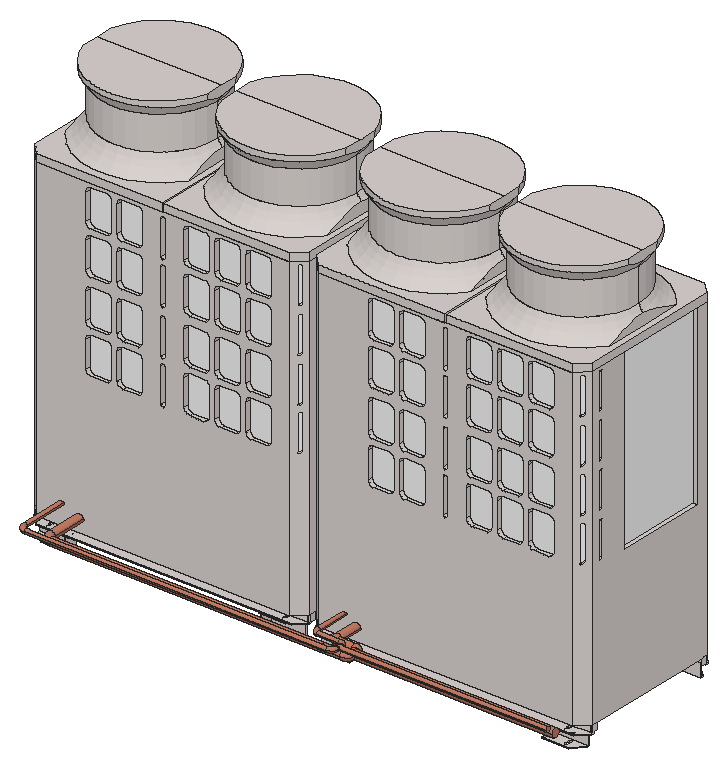
Revit family "PUHY-P750YSNW-A1", category Mechanical Equipment, Revit 2016 (continued)
Definition of nested family "PUHY-P350YNW-A1"
  Lines and regions (mm)
    model lines
      curve 51: line (-620, 215.7, 1521) -> (-620, 215.7, 705)
      curve 52: line (-620, 235.7, 705) -> (-620, -162.3, 705)
      curve 53: line (-620, 176.7, 268) -> (-620, -103.3, 268)
      curve 54: line (-620, -103.3, 248) -> (-620, 176.7, 248)
      curve 55: arc (-620, 186.7, 258) -> (-620, 183.771, 265.071) -> (-620, 176.7, 268) r 10
      curve 56: arc (-620, 176.7, 248) -> (-620, 183.771, 250.929) -> (-620, 186.7, 258) r 10
      curve 57: arc (-620, -103.3, 268) -> (-620, -110.371, 265.071) -> (-620, -113.3, 258) r 10
      curve 58: arc (-620, -113.3, 258) -> (-620, -110.371, 250.929) -> (-620, -103.3, 248) r 10
      curve 59: line (-620, 176.7, 373) -> (-620, -103.3, 373)
      curve 60: line (-620, -103.3, 353) -> (-620, 176.7, 353)
      curve 61: arc (-620, 186.7, 363) -> (-620, 183.771, 370.071) -> (-620, 176.7, 373) r 10
      curve 62: arc (-620, 176.7, 353) -> (-620, 183.771, 355.929) -> (-620, 186.7, 363) r 10
      curve 63: arc (-620, -103.3, 373) -> (-620, -110.371, 370.071) -> (-620, -113.3, 363) r 10
      curve 64: arc (-620, -113.3, 363) -> (-620, -110.371, 355.929) -> (-620, -103.3, 353) r 10
      curve 65: line (-620, 176.7, 478) -> (-620, -103.3, 478)
      curve 66: line (-620, -103.3, 458) -> (-620, 176.7, 458)
      curve 67: arc (-620, 186.7, 468) -> (-620, 183.771, 475.071) -> (-620, 176.7, 478) r 10
      curve 68: arc (-620, 176.7, 458) -> (-620, 183.771, 460.929) -> (-620, 186.7, 468) r 10
      curve 69: arc (-620, -103.3, 478) -> (-620, -110.371, 475.071) -> (-620, -113.3, 468) r 10
      curve 70: arc (-620, -113.3, 468) -> (-620, -110.371, 460.929) -> (-620, -103.3, 458) r 10
      curve 71: line (-620, 176.7, 583) -> (-620, -103.3, 583)
      curve 72: line (-620, -103.3, 563) -> (-620, 176.7, 563)
      curve 73: arc (-620, 186.7, 573) -> (-620, 183.771, 580.071) -> (-620, 176.7, 583) r 10
      curve 74: arc (-620, 176.7, 563) -> (-620, 183.771, 565.929) -> (-620, 186.7, 573) r 10
      curve 75: arc (-620, -103.3, 583) -> (-620, -110.371, 580.071) -> (-620, -113.3, 573) r 10
      curve 76: arc (-620, -113.3, 573) -> (-620, -110.371, 565.929) -> (-620, -103.3, 563) r 10
      curve 77: line (-544, 370, 1521) -> (-544, 370, 95)
      curve 78: line (489, 370, 649) -> (30, 370, 649)
      curve 79: line (-30.5, 370, 649) -> (-544, 370, 649)
      curve 80: line (-147.25, 370, 584) -> (-427.25, 370, 584)
      curve 81: line (-427.25, 370, 564) -> (-147.25, 370, 564)
      curve 82: arc (-137.25, 370, 574) -> (-140.179, 370, 581.071) -> (-147.25, 370, 584) r 10
      curve 83: arc (-147.25, 370, 564) -> (-140.179, 370, 566.929) -> (-137.25, 370, 574) r 10
      curve 84: arc (-427.25, 370, 584) -> (-434.321, 370, 581.071) -> (-437.25, 370, 574) r 10
      curve 85: arc (-437.25, 370, 574) -> (-434.321, 370, 566.929) -> (-427.25, 370, 564) r 10
      curve 86: circle (448, -185, 1521) r 15 normal (0, 0, 1)
      curve 87: circle (468, -185, 95) r 26 normal (0, 0, 1)
      curve 88: circle (448, -260, 95) r 32.5 normal (0, 0, 1)
      curve 89: circle (404, -204, 95) r 17 normal (0, 0, 1)
      curve 90: line (-550, -370, 1521) -> (-550, -370, 95)
      curve 91: line (-550, -370, 716) -> (-30, -370, 716)
      curve 92: line (550, -370, 95) -> (550, -370, 1521)
      curve 93: line (30, -370, 716) -> (550, -370, 716)
      curve 94: line (-30.5, 370, 1521) -> (-30.5, 370, 95)
      curve 95: line (30, 370, 1521) -> (30, 370, 95)
      curve 96: line (489, 370, 1521) -> (489, 370, 95)
      curve 97: line (467, 370, 669) -> (467, 370, 649)
      curve 98: line (-352, -370, 223) -> (-550, -370, 223)
      curve 99: line (-342, -370, 213) -> (-342, -370, 95)
      curve 100: arc (-342, -370, 213) -> (-344.929, -370, 220.071) -> (-352, -370, 223) r 10
      curve 101: circle (488, -370, 160) r 32.5 normal (0, -1, 0)
      curve 102: circle (488, -370, 160) r 20 normal (0, -1, 0)
      curve 103: circle (364, -370, 150) r 17 normal (0, -1, 0)
      curve 104: circle (413, -370, 185) r 26 normal (0, -1, 0)
      curve 105: circle (413, -370, 185) r 13.5 normal (0, -1, 0)
      curve 106: line (352, -370, 223) -> (550, -370, 223)
      curve 107: line (342, -370, 213) -> (342, -370, 95)
      curve 108: arc (342, -370, 213) -> (344.929, -370, 220.071) -> (352, -370, 223) r 10
      curve 109: line (-147.25, 370, 479) -> (-427.25, 370, 479)
      curve 110: line (-427.25, 370, 459) -> (-147.25, 370, 459)
      curve 111: arc (-137.25, 370, 469) -> (-140.179, 370, 476.071) -> (-147.25, 370, 479) r 10
      curve 112: arc (-147.25, 370, 459) -> (-140.179, 370, 461.929) -> (-137.25, 370, 469) r 10
      curve 113: arc (-427.25, 370, 479) -> (-434.321, 370, 476.071) -> (-437.25, 370, 469) r 10
      curve 114: arc (-437.25, 370, 469) -> (-434.321, 370, 461.929) -> (-427.25, 370, 459) r 10
      curve 115: line (-147.25, 370, 374) -> (-427.25, 370, 374)
      curve 116: line (-427.25, 370, 354) -> (-147.25, 370, 354)
      curve 117: arc (-137.25, 370, 364) -> (-140.179, 370, 371.071) -> (-147.25, 370, 374) r 10
      curve 118: arc (-147.25, 370, 354) -> (-140.179, 370, 356.929) -> (-137.25, 370, 364) r 10
      curve 119: arc (-427.25, 370, 374) -> (-434.321, 370, 371.071) -> (-437.25, 370, 364) r 10
      curve 120: arc (-437.25, 370, 364) -> (-434.321, 370, 356.929) -> (-427.25, 370, 354) r 10
      curve 121: line (-147.25, 370, 269) -> (-427.25, 370, 269)
      curve 122: line (-427.25, 370, 249) -> (-147.25, 370, 249)
      curve 123: arc (-137.25, 370, 259) -> (-140.179, 370, 266.071) -> (-147.25, 370, 269) r 10
      curve 124: arc (-147.25, 370, 249) -> (-140.179, 370, 251.929) -> (-137.25, 370, 259) r 10
      curve 125: arc (-427.25, 370, 269) -> (-434.321, 370, 266.071) -> (-437.25, 370, 259) r 10
      curve 126: arc (-437.25, 370, 259) -> (-434.321, 370, 251.929) -> (-427.25, 370, 249) r 10
      curve 127: line (399.5, 370, 584) -> (119.5, 370, 584)
      curve 128: line (119.5, 370, 564) -> (399.5, 370, 564)
      curve 129: arc (409.5, 370, 574) -> (406.571, 370, 581.071) -> (399.5, 370, 584) r 10
      curve 130: arc (399.5, 370, 564) -> (406.571, 370, 566.929) -> (409.5, 370, 574) r 10
      curve 131: arc (119.5, 370, 584) -> (112.429, 370, 581.071) -> (109.5, 370, 574) r 10
      curve 132: arc (109.5, 370, 574) -> (112.429, 370, 566.929) -> (119.5, 370, 564) r 10
      curve 133: line (399.5, 370, 479) -> (119.5, 370, 479)
      curve 134: line (119.5, 370, 459) -> (399.5, 370, 459)
      curve 135: arc (409.5, 370, 469) -> (406.571, 370, 476.071) -> (399.5, 370, 479) r 10
      curve 136: arc (399.5, 370, 459) -> (406.571, 370, 461.929) -> (409.5, 370, 469) r 10
      curve 137: arc (119.5, 370, 479) -> (112.429, 370, 476.071) -> (109.5, 370, 469) r 10
      curve 138: arc (109.5, 370, 469) -> (112.429, 370, 461.929) -> (119.5, 370, 459) r 10
      curve 139: line (399.5, 370, 374) -> (119.5, 370, 374)
      curve 140: line (119.5, 370, 354) -> (399.5, 370, 354)
      curve 141: arc (409.5, 370, 364) -> (406.571, 370, 371.071) -> (399.5, 370, 374) r 10
      curve 142: arc (399.5, 370, 354) -> (406.571, 370, 356.929) -> (409.5, 370, 364) r 10
      curve 143: arc (119.5, 370, 374) -> (112.429, 370, 371.071) -> (109.5, 370, 364) r 10
      curve 144: arc (109.5, 370, 364) -> (112.429, 370, 356.929) -> (119.5, 370, 354) r 10
      curve 145: line (399.5, 370, 269) -> (119.5, 370, 269)
      curve 146: line (119.5, 370, 249) -> (399.5, 370, 249)
      curve 147: arc (409.5, 370, 259) -> (406.571, 370, 266.071) -> (399.5, 370, 269) r 10
      curve 148: arc (399.5, 370, 249) -> (406.571, 370, 251.929) -> (409.5, 370, 259) r 10
      curve 149: arc (119.5, 370, 269) -> (112.429, 370, 266.071) -> (109.5, 370, 259) r 10
      curve 150: arc (109.5, 370, 259) -> (112.429, 370, 251.929) -> (119.5, 370, 249) r 10
      curve 151: line (399.5, -370, 584) -> (119.5, -370, 584)
      curve 152: line (119.5, -370, 564) -> (399.5, -370, 564)
      curve 153: arc (409.5, -370, 574) -> (406.571, -370, 581.071) -> (399.5, -370, 584) r 10
      curve 154: arc (399.5, -370, 564) -> (406.571, -370, 566.929) -> (409.5, -370, 574) r 10
      curve 155: arc (119.5, -370, 584) -> (112.429, -370, 581.071) -> (109.5, -370, 574) r 10
      curve 156: arc (109.5, -370, 574) -> (112.429, -370, 566.929) -> (119.5, -370, 564) r 10
      curve 157: line (399.5, -370, 479) -> (119.5, -370, 479)
      curve 158: line (119.5, -370, 459) -> (399.5, -370, 459)
      curve 159: arc (409.5, -370, 469) -> (406.571, -370, 476.071) -> (399.5, -370, 479) r 10
      curve 160: arc (399.5, -370, 459) -> (406.571, -370, 461.929) -> (409.5, -370, 469) r 10
      curve 161: arc (119.5, -370, 479) -> (112.429, -370, 476.071) -> (109.5, -370, 469) r 10
      curve 162: arc (109.5, -370, 469) -> (112.429, -370, 461.929) -> (119.5, -370, 459) r 10
      curve 163: line (399.5, -370, 374) -> (119.5, -370, 374)
      curve 164: line (119.5, -370, 354) -> (399.5, -370, 354)
      curve 165: arc (409.5, -370, 364) -> (406.571, -370, 371.071) -> (399.5, -370, 374) r 10
      curve 166: arc (399.5, -370, 354) -> (406.571, -370, 356.929) -> (409.5, -370, 364) r 10
      curve 167: arc (119.5, -370, 374) -> (112.429, -370, 371.071) -> (109.5, -370, 364) r 10
      curve 168: arc (109.5, -370, 364) -> (112.429, -370, 356.929) -> (119.5, -370, 354) r 10
      curve 169: arc (119.5, -370, 269) -> (112.429, -370, 266.071) -> (109.5, -370, 259) r 10
      curve 170: arc (109.5, -370, 259) -> (112.429, -370, 251.929) -> (119.5, -370, 249) r 10
      curve 171: line (-147.25, -370, 584) -> (-427.25, -370, 584)
      curve 172: line (-427.25, -370, 564) -> (-147.25, -370, 564)
      curve 173: arc (-137.25, -370, 574) -> (-140.179, -370, 581.071) -> (-147.25, -370, 584) r 10
      curve 174: arc (-147.25, -370, 564) -> (-140.179, -370, 566.929) -> (-137.25, -370, 574) r 10
      curve 175: arc (-427.25, -370, 584) -> (-434.321, -370, 581.071) -> (-437.25, -370, 574) r 10
      curve 176: arc (-437.25, -370, 574) -> (-434.321, -370, 566.929) -> (-427.25, -370, 564) r 10
      curve 177: line (-147.25, -370, 479) -> (-427.25, -370, 479)
      curve 178: line (-427.25, -370, 459) -> (-147.25, -370, 459)
      curve 179: arc (-137.25, -370, 469) -> (-140.179, -370, 476.071) -> (-147.25, -370, 479) r 10
      curve 180: arc (-147.25, -370, 459) -> (-140.179, -370, 461.929) -> (-137.25, -370, 469) r 10
      curve 181: arc (-427.25, -370, 479) -> (-434.321, -370, 476.071) -> (-437.25, -370, 469) r 10
      curve 182: arc (-437.25, -370, 469) -> (-434.321, -370, 461.929) -> (-427.25, -370, 459) r 10
      curve 183: line (-147.25, -370, 374) -> (-427.25, -370, 374)
      curve 184: line (-427.25, -370, 354) -> (-147.25, -370, 354)
      curve 185: arc (-137.25, -370, 364) -> (-140.179, -370, 371.071) -> (-147.25, -370, 374) r 10
      curve 186: arc (-147.25, -370, 354) -> (-140.179, -370, 356.929) -> (-137.25, -370, 364) r 10
      curve 187: arc (-427.25, -370, 374) -> (-434.321, -370, 371.071) -> (-437.25, -370, 364) r 10
      curve 188: arc (-437.25, -370, 364) -> (-434.321, -370, 356.929) -> (-427.25, -370, 354) r 10
      curve 189: line (-147.25, -370, 269) -> (-262.25, -370, 269)
      curve 190: line (-262.25, -370, 249) -> (-147.25, -370, 249)
      curve 191: arc (-137.25, -370, 259) -> (-140.179, -370, 266.071) -> (-147.25, -370, 269) r 10
      curve 192: arc (-147.25, -370, 249) -> (-140.179, -370, 251.929) -> (-137.25, -370, 259) r 10
      curve 193: arc (-262.25, -370, 269) -> (-269.321, -370, 266.071) -> (-272.25, -370, 259) r 10
      curve 194: arc (-272.25, -370, 259) -> (-269.321, -370, 251.929) -> (-262.25, -370, 249) r 10
      curve 195: line (234.5, -370, 269) -> (119.5, -370, 269)
      curve 196: line (119.5, -370, 249) -> (234.5, -370, 249)
      curve 197: arc (244.5, -370, 259) -> (241.571, -370, 266.071) -> (234.5, -370, 269) r 10
      curve 198: arc (234.5, -370, 249) -> (241.571, -370, 251.929) -> (244.5, -370, 259) r 10
  Dimensions and locks
    nested 2 to nested 2 = 303.000 mm
    cut or joined group 1 (Extrusion 1, Extrusion 2, Extrusion 3, Extrusion 4, Extrusion 5, Extrusion 6, Extrusion 7, Extrusion 8, Extrusion 9, Extrusion 10, Extrusion 11, Extrusion 12, Extrusion 13, Extrusion 14, Extrusion 15, Extrusion 16, Extrusion 17, Extrusion 18, Extrusion 19, Extrusion 20, Extrusion 21, Extrusion 22, Extrusion 23, Extrusion 24, Extrusion 25, Extrusion 26, Extrusion 27, Extrusion 28, Extrusion 29, Extrusion 30, Extrusion 31, Extrusion 32, Extrusion 33) to cut or joined group 1 = 1240.000 mm
    Extrusion 2 sketch curve to Extrusion 2 sketch curve = 116.800 mm
    Extrusion 2 sketch curve to Extrusion 2 sketch curve = 170.800 mm
    Extrusion 3 sketch curve to Extrusion 3 sketch curve = 116.800 mm
    Extrusion 3 sketch curve to Extrusion 3 sketch curve = 170.800 mm
    Extrusion 4 sketch curve to Extrusion 4 sketch curve = 116.800 mm
    Extrusion 4 sketch curve to Extrusion 4 sketch curve = 170.800 mm
    Extrusion 5 sketch curve to Extrusion 5 sketch curve = 116.800 mm
    Extrusion 5 sketch curve to Extrusion 5 sketch curve = 170.800 mm
    Extrusion 6 sketch curve to Extrusion 6 sketch curve = 116.800 mm
    Extrusion 6 sketch curve to Extrusion 6 sketch curve = 170.800 mm
    Extrusion 7 sketch curve to Extrusion 7 sketch curve = 116.800 mm
    Extrusion 7 sketch curve to Extrusion 7 sketch curve = 170.800 mm
    Extrusion 8 sketch curve to Extrusion 8 sketch curve = 116.800 mm
    Extrusion 8 sketch curve to Extrusion 8 sketch curve = 170.800 mm
    Extrusion 9 sketch curve to Extrusion 9 sketch curve = 116.800 mm
    Extrusion 9 sketch curve to Extrusion 9 sketch curve = 170.800 mm
    cut or joined group 1 to cut or joined group 1 = 50.000 mm  (x2)
    Extrusion 10 sketch curve to Extrusion 10 sketch curve = 116.800 mm
    Extrusion 10 sketch curve to Extrusion 10 sketch curve = 170.800 mm
    Extrusion 11 sketch curve to Extrusion 11 sketch curve = 116.800 mm
    Extrusion 11 sketch curve to Extrusion 11 sketch curve = 170.800 mm
    Extrusion 12 sketch curve to Extrusion 12 sketch curve = 116.800 mm
    Extrusion 12 sketch curve to Extrusion 12 sketch curve = 170.800 mm
    Extrusion 13 sketch curve to Extrusion 13 sketch curve = 116.800 mm
    Extrusion 13 sketch curve to Extrusion 13 sketch curve = 170.800 mm
    Extrusion 14 sketch curve to Extrusion 14 sketch curve = 116.800 mm
    Extrusion 14 sketch curve to Extrusion 14 sketch curve = 170.800 mm
    Extrusion 15 sketch curve to Extrusion 15 sketch curve = 116.800 mm
    Extrusion 15 sketch curve to Extrusion 15 sketch curve = 170.800 mm
    Extrusion 16 sketch curve to Extrusion 16 sketch curve = 116.800 mm
    Extrusion 16 sketch curve to Extrusion 16 sketch curve = 170.800 mm
    Extrusion 17 sketch curve to Extrusion 17 sketch curve = 116.800 mm
    Extrusion 17 sketch curve to Extrusion 17 sketch curve = 170.800 mm
    Extrusion 18 sketch curve to Extrusion 18 sketch curve = 116.800 mm
    Extrusion 18 sketch curve to Extrusion 18 sketch curve = 170.800 mm
    Extrusion 19 sketch curve to Extrusion 19 sketch curve = 116.800 mm
    Extrusion 19 sketch curve to Extrusion 19 sketch curve = 170.800 mm
    Extrusion 20 sketch curve to Extrusion 20 sketch curve = 116.800 mm
    Extrusion 20 sketch curve to Extrusion 20 sketch curve = 170.800 mm
    Extrusion 21 sketch curve to Extrusion 21 sketch curve = 116.800 mm
    Extrusion 21 sketch curve to Extrusion 21 sketch curve = 170.800 mm
    plane 3 "Center (Left/Right)" to cut or joined group 1 = 620.000 mm
    cut or joined group 1 to plane 3 "Center (Left/Right)" = 620.000 mm
    Extrusion 1 sketch curve to Extrusion 1 sketch curve = 1240.000 mm
    cut or joined group 1 to plane 8 = 185.000 mm
    cut or joined group 1 to plane 7 = 166.000 mm
    cut or joined group 1 to plane 6 = 110.000 mm
    cut or joined group 1 to plane 12 to cut or joined group 1 = 805.000 mm, 621.000 mm
    plane 5 to plane 2 = 1858.000 mm  (x2)
    cut or joined group 1 to plane 19 "132" = 132.000 mm
    cut or joined group 1 to plane 22 = 207.000 mm
    cut or joined group 1 to plane 23 = 256.000 mm
    cut or joined group 1 to plane 6 = 60.000 mm
    cut or joined group 1 to cut or joined group 1 = 42.154 mm
    cut or joined group 1 to cut or joined group 1 = 11.895 mm
    nested 1 to nested 3 to level = 1798.000 mm, 60.000 mm
    nested 1 to nested 1 = 303.000 mm
    nested 1 to nested 3 = 1495.000 mm
    nested 8 to nested 8 to nested 8 to nested 7 to nested 7 to nested 7 = 54.000 mm, 20.000 mm, 592.000 mm, 20.000 mm, 54.000 mm
    nested 3 to nested 3 = 56.000 mm
    plane 11 to plane 31 to plane 32 to cut or joined group 1 = 90.000 mm, 1060.000 mm, 90.000 mm
    curve 103 to nested 7 = 90.000 mm
    curve 104 to nested 7 = 125.000 mm
    curve 101 to nested 7 = 100.000 mm
    curve 11 to curve 13 to nested 7 = 84.000 mm, 71.000 mm
    cut or joined group 1 to curve 12 to curve 14 = 125.000 mm, 148.000 mm
    nested 2 to nested 7 = 1495.000 mm
    curve 87 to cut or joined group 1 = 152.000 mm
    curve 88 to cut or joined group 1 = 172.000 mm
    curve 89 to cut or joined group 1 = 216.000 mm
    cut or joined group 1 to curve 4 to curve 2 = 128.000 mm, 150.000 mm
    cut or joined group 1 to curve 1 to curve 3 = 79.000 mm, 94.000 mm
    Extrusion 32 sketch curve to nested 7 = 116.000 mm
    cut or joined group 1 to Extrusion 32 sketch curve = 160.000 mm
    cut or joined group 1 to Extrusion 33 sketch curve = 243.000 mm
    Extrusion 33 sketch curve to nested 7 = 116.000 mm
    cut or joined group 1 to cut or joined group 1 = 740.000 mm
    plane 30 to plane 4 = 740.000 mm
    aligned and locked: level to plane 2
    aligned and locked: Extrusion 1 to plane 4
  Nested families
    nested 1: "FAN GUARD" at (-311.5, 2, 860), type "FAN GUARD"
      with WIDTH 870.000 mm
    nested 2: "FAN GUARD" at (311.5, 2, 860) x (-1, 0, 0) z (0, 0, 1), type "FAN GUARD"
      with WIDTH 870.000 mm
    nested 3: "ATTACHMENT LEG" at (-524, -349, 0), type "ATTACHMENT LEG"
    nested 4: "ATTACHMENT LEG" at (-524, 349, 0), type "ATTACHMENT LEG"
    nested 5: "ATTACHMENT LEG" at (524, -349, 0) x (-1, 0, 0) z (0, 0, 1), type "ATTACHMENT LEG"
    nested 6: "ATTACHMENT LEG" at (524, 349, 0) x (-1, 0, 0) z (0, 0, 1), type "ATTACHMENT LEG"
    nested 7: "BASE LEG_L_" at (0, -352, 60), type "BASE LEG_L_"
      with Width 1240.000 mm
    nested 8: "BASE LEG_L_" at (0, 352, 60), type "BASE LEG_L_"
      with Width 1240.000 mm
  Connectors
    piping at (-460, -191, 176), diameter 25.4, driven by "Liquid pipe_radius"
      settings: on cut or joined group 1, index 3, connector inside diameter 25.4 mm, connector length 0.000 mm, flow factor 0, pipe flow 0.0 L/s, pressure drop 0.0 Pa, fitting loss kfactor 0, connector angle 0.00°, fixture units 0, engagement length 0.000 mm, angle of deflection 0.00°, flow configuration 0, flow direction 0, fitting loss method 0, system type 22, joint type 0, gender type 0, connector reference index -1, connector utility 0, adjustable connector no, is connector primary yes, connector description "Refrigerant service valve<Liquid pipe>"
    piping at (-377, -191, 176), diameter 28.58, driven by "Gas pipe_radius"
      settings: on cut or joined group 1, index 4, connector inside diameter 28.58 mm, connector length 0.000 mm, flow factor 0, pipe flow 0.0 L/s, pressure drop 0.0 Pa, fitting loss kfactor 0, connector angle 0.00°, fixture units 0, engagement length 0.000 mm, angle of deflection 0.00°, flow configuration 0, flow direction 0, fitting loss method 0, system type 22, joint type 0, gender type 0, connector reference index -1, connector utility 0, adjustable connector no, is connector primary no, connector description "Refrigerant service valve<Gas>"
    electrical at (0, -370, 808)
      settings: on cut or joined group 1, index 5, voltage 0 V, apparent load 0 VA, apparent load phase1 0 VA, apparent load phase2 0 VA, apparent load phase3 0 VA, power factor 1, load classification none, number of poles 1, system type 30, power factor state 1, is connector primary yes, connector utility no, sub classification motor no, connector description ""
  Definition of nested family "FAN GUARD"
    Parameters
      WIDTH [instance] = 870.000 mm
    Reference planes
      plane 1 "中心(正面/背面)": y = -2
      plane 2: z = 0
      plane 3 "ファンガード基準面": z = 661
      plane 4: y = 368
      plane 5: x = 366
      plane 6: x = -375
      plane 7 "ファンガード基準上面": z = 695
      plane 8 "ファンガード上面": z = 998
      plane 9: x = -273.971
      plane 10: x = 308.5
      plane 11: x = -308.5
      plane 12: x = 0
    Forms (mm)
      Extrusion 1, solid
        sketch origin (85, 0, 661) x (-1, 0, 0) y (0, -1, 0)
          loop
            line (343.5, -368) -> (393.5, -318) -> (393.5, 322) -> (343.5, 372) -> (-223.5, 372) -> (-223.5, -368) -> (343.5, -368)
        from 0 to 34
      Revolve 2, solid
        sketch origin (0, -2, 0) x (1, 0, 0) y (0, 0, 1)
          loop
            line (0, 695) -> (0, 998) -> (-290, 998) -> (-290, 972.327) -> (-260, 928.372) -> (-260, 777.384)
            arc (-260, 777.384) -> (-290.651, 730.137) -> (-334.665, 695) r 175.882
            line (-334.665, 695) -> (0, 695)
          axis (0, 998) -> (0, 695)
        angle from 0 to 360
      Extrusion 3, void
        sketch origin (-840, 75, 695) x (-1, 0, 0) y (0, -1, 0)
          loop
            line (-410, -165) -> (-410, 315) -> (-561.253, 315) -> (-561.253, -165) -> (-410, -165)
        from -35 to 430.592
      Extrusion 4, void
        sketch origin (840, 75, 695) x (1, 0, 0) y (0, 1, 0)
          loop
            line (-410, 165) -> (-561.253, 165) -> (-561.253, -315) -> (-410, -315) -> (-410, 165)
        from 0 to 430.592
    Cuts and joins
      Extrusion 3, Extrusion 4 cuts Revolve 2
      Extrusion 4 cuts Extrusion 1
    Lines and regions (mm)
      model lines
        curve 1: line (-278.747, 0, 998) -> (-80, 0, 998)
        curve 2: line (80, 0, 998) -> (278.747, 0, 998)
        curve 3: circle (0, 0, 998) r 80 normal (0, 0, 1)
        curve 4: line (-278.747, -80, 998) -> (278.747, -80, 998)
        curve 5: line (-241.868, -160, 998) -> (241.868, -160, 998)
        curve 6: line (-162.788, -240, 998) -> (162.788, -240, 998)
        curve 7: line (-278.747, 80, 998) -> (278.747, 80, 998)
        curve 8: line (-241.868, 160, 998) -> (240, 160, 998)
        curve 9: line (-160, 240, 998) -> (162.788, 240, 998)
        curve 10: line (0, 290, 998) -> (0, -290, 998)
        curve 11: line (-20, 289.31, 998) -> (-20, -289.31, 998)
        curve 12: line (-40, 287.228, 998) -> (-40, -287.228, 998)
        curve 13: line (-60, 283.725, 998) -> (-60, -283.725, 998)
        curve 14: line (-80, 278.747, 998) -> (-80, -278.747, 998)
        curve 15: line (20, 289.31, 998) -> (20, -289.31, 998)
        curve 16: line (40, 287.228, 998) -> (40, -287.228, 998)
        curve 17: line (60, 283.725, 998) -> (60, -283.725, 998)
        curve 18: line (80, 278.747, 998) -> (80, -278.747, 998)
        curve 19: line (100, 272.213, 998) -> (100, -272.213, 998)
        curve 20: line (120, 264.008, 998) -> (120, -264.008, 998)
        curve 21: line (140, 253.969, 998) -> (140, -253.969, 998)
        curve 22: line (160, 241.868, 998) -> (160, -243.132, 998)
        curve 23: line (180, 227.376, 998) -> (180, -227.624, 998)
        curve 24: line (200, 210, 998) -> (200, -210, 998)
        curve 25: line (220, 188.944, 998) -> (220, -188.944, 998)
        curve 26: line (240, 160, 998) -> (240, -162.788, 998)
        curve 27: line (260, 128.452, 998) -> (260, -128.452, 998)
        curve 28: line (-100, 272.213, 998) -> (-100, -272.213, 998)
        curve 29: line (-120, 264.008, 998) -> (-120, -264.008, 998)
        curve 30: line (-140, 253.969, 998) -> (-140, -253.969, 998)
        curve 31: line (-160, 240, 998) -> (-160, -241.868, 998)
        curve 32: line (-180, 227.376, 998) -> (-180, -227.376, 998)
        curve 33: line (-200, 210, 998) -> (-200, -210, 998)
        curve 34: line (-220, 188.944, 998) -> (-220, -188.944, 998)
        curve 35: line (-240, 162.788, 998) -> (-240, -162.788, 998)
        curve 36: line (-260, 128.452, 998) -> (-260, -128.452, 998)
        curve 37: line (10, 79.373, 998) -> (10, -79.373, 998)
        curve 38: line (-10, 79.373, 998) -> (-10, -79.373, 998)
        curve 39: line (30, 74.162, 998) -> (30, -74.162, 998)
        curve 40: line (50, 62.45, 998) -> (50, -62.45, 998)
        curve 41: line (70, 38.73, 998) -> (70, -38.73, 998)
        curve 42: line (-30, 74.162, 998) -> (-30, -74.162, 998)
        curve 43: line (-50, 62.45, 998) -> (-50, -62.45, 998)
        curve 44: line (-70, 38.73, 998) -> (-70, -38.73, 998)
    Dimensions and locks
      locked: plane 8 "ファンガード上面" to plane 7 "ファンガード基準上面" at 303
      plane 8 "ファンガード上面" to plane 3 "ファンガード基準面" = 337.000 mm
      Revolve 2 sketch curve to Revolve 2 sketch curve = 290.000 mm
      Extrusion 1 sketch curve to Extrusion 1 sketch curve = 740.000 mm
      equal spacing: Extrusion 1 sketch curve, plane 1 "中心(正面/背面)", Extrusion 1 sketch curve
      plane 6 to plane 5 = 741.000 mm
      Extrusion 1 sketch curve to Extrusion 1 sketch curve = 617.000 mm
      plane 11 to plane 10 = 617.000 mm
      cut or joined group of Extrusion 1, Extrusion 4 to cut or joined group of Extrusion 1, Extrusion 4 = 617.000 mm
      cut or joined group of Extrusion 1, Extrusion 4 to cut or joined group of Extrusion 1, Extrusion 4 = 740.000 mm
      aligned and locked: level to plane 2
      aligned and locked: plane 7 "ファンガード基準上面" to Extrusion 1
      aligned and locked: plane 3 "ファンガード基準面" to Extrusion 1
      aligned and locked: cut or joined group of Revolve 2, Extrusion 3, Extrusion 4 to plane 8 "ファンガード上面"
  Definition of nested family "ATTACHMENT LEG"
    Parameters
      Width = 145.000 mm
    Reference planes
      plane 1: z = 0
      plane 2 "中心(左/右)": x = -6
      plane 3: x = -52
      plane 4: x = 85
      plane 5: x = 93
      plane 6: y = -21
      plane 7: y = 27
      plane 8: x = -30
      plane 9: y = 39
      plane 10: z = 60
      plane 11: z = 57
      plane 12: z = 3
      plane 13: x = 82
      plane 14: y = 36
      plane 15: x = -75
      plane 16: y = 31
      plane 17 "幅": x = 93
      plane 18: y = 2.5
      plane 19: y = 21
      plane 20: y = -10
    Forms (mm)
      Extrusion 1, solid
        sketch origin (0, -1, 0) x (1, 0, 0) y (0, 1, 0)
          loop
            line (-75, 36) -> (-75, 27) -> (-28, -20) -> (93, -20) -> (93, 32) -> (85, 32) -> (85, 36) -> (-75, 36)
        from 0 to 60
      Extrusion 2, void
        sketch origin (0, -3, 0) x (1, 0, 0) y (0, 0, 1)
          loop
            line (-75, 57) -> (-75, 3) -> (82, 3) -> (82, 57) -> (-75, 57)
          loop
            line (93, 57) -> (85, 57) -> (85, 3) -> (93, 3) -> (93, 57)
        from -35 to 18
      Extrusion 3, void
        sketch origin (-6, 5.5, 0) x (1, 0, 0) y (0, 1, 0)
          loop
            arc (-7, -8.5) -> (0, -15.5) -> (7, -8.5) r 7
            line (7, -8.5) -> (7, 8.5)
            arc (7, 8.5) -> (0, 15.5) -> (-7, 8.5) r 7
            line (-7, 8.5) -> (-7, -8.5)
        from 0 to 60
    Cuts and joins
      Extrusion 2, Extrusion 3 cuts Extrusion 1
    Dimensions and locks
      locked: plane 3 to plane 4 at 137
      locked: plane 3 to plane 5 at 145
      plane 6 to plane 7 = 48.000 mm
      locked: plane 10 to level at 60
      Extrusion 3 sketch curve to plane 2 "中心(左/右)" = 7.000 mm
      locked: plane 15 to plane 2 "中心(左/右)" at 69
      locked: plane 15 to plane 8 at 45
      locked: plane 6 to plane 18 at 23.5
      cut or joined group of Extrusion 1, Extrusion 2, Extrusion 3 to cut or joined group of Extrusion 1, Extrusion 2, Extrusion 3 = 168.000 mm
      cut or joined group of Extrusion 1, Extrusion 2, Extrusion 3 to cut or joined group of Extrusion 1, Extrusion 2, Extrusion 3 = 56.000 mm  (x2)
      plane 14 to plane 6 = 57.000 mm
      aligned and locked: level to plane 1
      aligned and locked: Extrusion 1 sketch curve to plane 4
      aligned and locked: Extrusion 1 sketch curve to plane 5
      aligned: plane 8 to Extrusion 1 sketch curve
      aligned and locked: plane 10 to Extrusion 1
      aligned and locked: Extrusion 2 sketch curve to plane 11
      aligned: plane 3 to Extrusion 2 sketch curve
      aligned and locked: plane 12 to Extrusion 2 sketch curve
      aligned and locked: Extrusion 2 sketch curve to plane 13
      aligned and locked: plane 6 to Extrusion 2
      aligned and locked: plane 11 to Extrusion 2 sketch curve
      aligned and locked: plane 5 to Extrusion 2 sketch curve
      aligned and locked: Extrusion 2 sketch curve to plane 12
      aligned and locked: Extrusion 2 sketch curve to plane 4
      aligned and locked: plane 15 to Extrusion 1 sketch curve
      aligned and locked: Extrusion 2 sketch curve to cut or joined group of Extrusion 1, Extrusion 2, Extrusion 3
      aligned and locked: Extrusion 1 to plane 16
  Definition of nested family "BASE LEG_L_"
    Parameters
      Width [instance] = 1240.000 mm
    Reference planes
      plane 1 "中心(正面/背面)": y = 0
      plane 2: z = 0
      plane 3 "中心(左/右)": x = 0
      plane 4: x = 620
      plane 5: x = -620
      plane 6: x = -530
      plane 7: x = 530
      plane 8: y = -18
      plane 9: y = 39
      plane 10: z = 53
      plane 11: y = 42
      plane 12: y = 27
      plane 13: x = 575
      plane 14: x = -575
      plane 15: z = 8
      plane 16: y = 11.5
      plane 17: z = 35
    Forms (mm)
      Extrusion 1, solid
        sketch origin (0, 0, 0) x (0, 1, 0) y (0, 0, 1)
          loop
            line (-18, 0) -> (36, 0) -> (36, 32) -> (56, 32) -> (56, 35) -> (33, 35) -> (33, 3) -> (-18, 3) -> (-18, 0)
        from -620 to 620
      Extrusion 2, void
        sketch origin (0, 0, 0) x (1, 0, 0) y (0, 1, 0)
          loop
            line (575, -18) -> (620, -18) -> (620, 27) -> (575, -18)
          loop
            line (-575, -18) -> (-620, 27) -> (-620, -18) -> (-575, -18)
        from 0 to 250
      Extrusion 3, void
        sketch origin (0, 12.023, 0) x (1, 0, 0) y (0, 1, 0)
          loop
            arc (523, -2.971) -> (530, -9.971) -> (537, -2.971) r 7
            line (537, -2.971) -> (537, 3.023)
            arc (537, 3.023) -> (530, 10.023) -> (523, 3.023) r 7
            line (523, 3.023) -> (523, -2.971)
          loop
            line (-523, -2.971) -> (-523, 3.023)
            arc (-523, 3.023) -> (-530, 10.023) -> (-537, 3.023) r 7
            line (-537, 3.023) -> (-537, -2.971)
            arc (-537, -2.971) -> (-530, -9.971) -> (-523, -2.971) r 7
        from 0 to 250
      Extrusion 4, solid
        sketch origin (0, 0, -3) x (1, 0, 0) y (0, 0, 1)
          loop
            line (617, 8) -> (620, 8) -> (620, 35) -> (617, 35) -> (617, 8)
          loop
            line (-617, 8) -> (-617, 35) -> (-620, 35) -> (-620, 8) -> (-617, 8)
        from -36 to -56
      Extrusion 5, solid
        sketch origin (150, 352, 0) x (1, 0, 0) y (0, 1, 0)
          loop
            line (460, -319) -> (455, -319) -> (455, -320) -> (405, -370) -> (410, -370) -> (460, -320) -> (460, -319)
        from 3 to 35
      Extrusion 6, void
        sketch origin (560, -18, 0) x (0.707107, 0.707107, 0) y (0, 0, 1)
          loop
            line (70.711, 3) -> (-6.741, 39.767) -> (-6.741, 3) -> (70.711, 3)
        from -190.256 to 23.776
      Extrusion 7, solid
        sketch origin (-150, 352, 0) x (-1, 0, 0) y (0, -1, 0)
          loop
            line (460, 319) -> (460, 320) -> (410, 370) -> (405, 370) -> (455, 320) -> (455, 319) -> (460, 319)
        from 3 to 35
      Extrusion 8, void
        sketch origin (-560, -18, 0) x (0.707107, -0.707107, 0) y (0, 0, -1)
          loop
            line (-70.711, -3) -> (0, -35) -> (6.741, -35) -> (6.741, -3) -> (-70.711, -3)
        from -190.256 to 23.776
    Cuts and joins
      Extrusion 2, Extrusion 3 cuts Extrusion 1
      joined: Extrusion 1, Extrusion 4
      Extrusion 8 cuts Extrusion 7
      Extrusion 6 cuts Extrusion 5
    Dimensions and locks
      "Width": plane 5 to plane 4
      equal spacing: plane 5, plane 3 "中心(左/右)", plane 4
      locked: plane 5 to plane 6 at 90
      locked: plane 7 to plane 4 at 90
      locked: plane 8 to plane 9 at 57
      locked: plane 10 to level at 53
      locked: plane 9 to plane 11 at 3
      plane 8 to plane 12 = 45.000 mm
      locked: plane 13 to plane 4 at 45
      locked: plane 5 to plane 14 at 45
      equal spacing: Extrusion 3 sketch curve, plane 7, Extrusion 3 sketch curve
      equal spacing: Extrusion 3 sketch curve, plane 6, Extrusion 3 sketch curve
      locked: plane 10 to plane 15 at 45
      locked: cut or joined group of Extrusion 1, Extrusion 2, Extrusion 3, Extrusion 4 to Extrusion 4 sketch curve at 3  (x2)
      locked: plane 8 to plane 16 at 29.5
      plane 8 to plane 11 = 60.000 mm
      cut or joined group of Extrusion 1, Extrusion 2, Extrusion 3, Extrusion 4 to cut or joined group of Extrusion 1, Extrusion 2, Extrusion 3, Extrusion 4 = 35.000 mm
      aligned and locked: level to plane 2
      aligned and locked: plane 8 to Extrusion 1 sketch curve
      aligned and locked: plane 4 to Extrusion 1
      aligned and locked: Extrusion 1 to plane 5
      aligned and locked: Extrusion 2 sketch curve to plane 4
      aligned and locked: Extrusion 2 sketch curve to plane 8
      aligned and locked: plane 12 to Extrusion 2 sketch curve
      aligned and locked: plane 13 to Extrusion 2 sketch curve
      aligned and locked: plane 4 to Extrusion 4 sketch curve
      aligned and locked: plane 5 to Extrusion 4 sketch curve
      aligned and locked: cut or joined group of Extrusion 7, Extrusion 8 to cut or joined group of Extrusion 1, Extrusion 2, Extrusion 3, Extrusion 4
    Automatic sketch dimensions
      Extrusion 3 sketch curve to plane 1 "中心(正面/背面)" = 9.052 mm  (x2)
      Extrusion 3 sketch curve to plane 7 = 7.000 mm
      Extrusion 3 sketch curve to plane 1 "中心(正面/背面)" = 15.046 mm  (x2)
      Extrusion 3 sketch curve to plane 6 = 7.000 mm
      Extrusion 2 sketch curve to plane 5 = 0.000 mm
      plane 8 to Extrusion 2 sketch curve = 0.000 mm
      Extrusion 2 sketch curve to plane 14 = 0.000 mm
      plane 12 to Extrusion 2 sketch curve = 0.000 mm
      Extrusion 4 sketch curve to plane 10 = 21.000 mm
      plane 7 to Extrusion 5 sketch curve = 25.000 mm
      Extrusion 5 sketch curve to Extrusion 5 sketch curve = 5.000 mm  (x2)
      plane 7 to Extrusion 5 sketch curve = 75.000 mm
      plane 8 to Extrusion 5 sketch curve = 0.000 mm
      Extrusion 5 sketch curve to Extrusion 5 sketch curve = 50.000 mm
      Extrusion 5 sketch curve to Extrusion 5 sketch curve = 0.000 mm
      Extrusion 5 sketch curve to Extrusion 5 sketch curve = 1.000 mm
      Extrusion 6 sketch curve to Extrusion 5 = 0.000 mm  (x2)
      Extrusion 6 sketch curve to Extrusion 5 = 6.741 mm
      Extrusion 6 sketch curve to Extrusion 5 = 4.767 mm
      plane 6 to Extrusion 7 sketch curve = 25.000 mm
      Extrusion 7 sketch curve to Extrusion 7 sketch curve = 5.000 mm  (x2)
      Extrusion 7 sketch curve to Extrusion 7 sketch curve = 45.000 mm
      Extrusion 7 sketch curve to plane 8 = 0.000 mm
      Extrusion 7 sketch curve to Extrusion 7 sketch curve = 50.000 mm
      Extrusion 7 sketch curve to Extrusion 7 sketch curve = 0.000 mm
      Extrusion 7 sketch curve to Extrusion 7 sketch curve = 1.000 mm
      Extrusion 8 sketch curve to Extrusion 7 = 0.000 mm  (x2)
      Extrusion 7 to Extrusion 8 sketch curve = 0.000 mm  (x2)
      Extrusion 7 to Extrusion 8 sketch curve = 6.741 mm
      Extrusion 4 sketch curve to plane 17 = 3.000 mm
      Extrusion 4 sketch curve to plane 15 = 3.000 mm  (x2)
      Extrusion 1 sketch curve to plane 17 = 0.000 mm
      Extrusion 1 sketch curve to level = 0.000 mm
      level to Extrusion 1 sketch curve = 3.000 mm
      plane 9 to Extrusion 1 sketch curve = 6.000 mm
      plane 9 to Extrusion 1 sketch curve = 3.000 mm
      Extrusion 1 sketch curve to plane 17 = 3.000 mm
      Extrusion 1 sketch curve to plane 11 = 14.000 mm
Types (6, lengths in mm): name | Voltage | Hertz | Heating Rated Load Ampacity (A) | Heating Current Input (Nominal) (A) | Heating Current Input (A) | Cooling Rated Load Ampacity (A) | Cooling Current Input (A)
  PUHY-P750YSNW-A1_380V_50Hz | 380 V | 50 Hz | 39.5 | 33.2 | 39.5 | 43.6 | 43.6
  PUHY-P750YSNW-A1_380V_60Hz | 380 V | 60 Hz | 39.5 | 33.2 | 39.5 | 43.6 | 43.6
  PUHY-P750YSNW-A1_400V_50Hz | 400 V | 50 Hz | 37.6 | 31.6 | 37.6 | 41.4 | 41.4
  PUHY-P750YSNW-A1_400V_60Hz | 400 V | 60 Hz | 37.6 | 31.6 | 37.6 | 41.4 | 41.4
  PUHY-P750YSNW-A1_415V_50Hz | 415 V | 50 Hz | 36.2 | 30.4 | 36.2 | 39.9 | 39.9
  PUHY-P750YSNW-A1_415V_60Hz | 415 V | 60 Hz | 36.2 | 30.4 | 36.2 | 39.9 | 39.9
